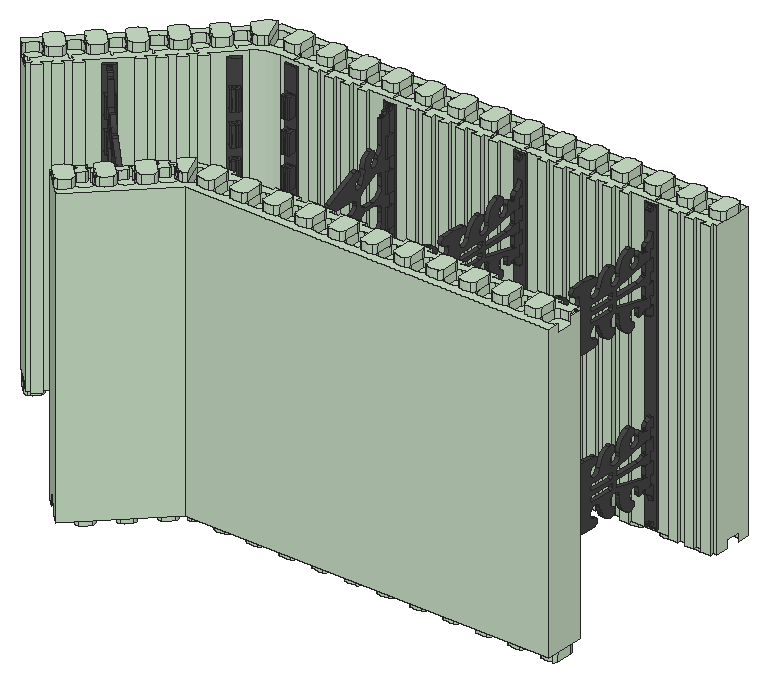
Revit family
Reference planes
  plane 1 "Center (Front/Back)": y = 0
  plane 2: z = 0
  plane 3 "Center (Left/Right)": x = 0
Forms (mm)
  Extrusion 1, solid, material "NUDURA Expanded Polystyrene Foam Insulation"
    sketch origin (0.019, -0.024, 0) x (1, 0, 0) y (0, 1, 0)
      loop
        line (-80.223, 193.675) -> (-305.285, -31.387) -> (-262.629, -74.044) -> (-257.579, -68.994) -> (-254.209, -74.603) -> (-244.109, -64.504) -> (-249.718, -61.133) -> (-239.619, -51.033) -> (-236.248, -56.643) -> (-226.148, -46.543) -> (-231.758, -43.173) -> (-221.658, -33.073) -> (-218.288, -38.682) -> (-208.188, -28.583) -> (-213.797, -25.212) -> (-167.777, 20.809) -> (-164.406, 15.199) -> (-154.306, 25.299) -> (-159.916, 28.669) -> (-149.816, 38.769) -> (-146.446, 33.16) -> (-136.346, 43.259) -> (-141.955, 46.63) -> (-131.856, 56.73) -> (-128.485, 51.12) -> (-118.385, 61.22) -> (-123.995, 64.591) -> (-113.895, 74.69) -> (-110.524, 69.081) -> (-100.425, 79.18) -> (-106.034, 82.551) -> (-70.114, 118.471)
        arc (-70.114, 118.471) -> (-53.634, 129.483) -> (-34.193, 133.35) r 50.8
        line (-34.193, 133.35) -> (16.605, 133.35) -> (15.022, 127) -> (29.305, 127) -> (27.722, 133.35) -> (42.005, 133.35) -> (40.422, 127) -> (54.705, 127) -> (53.122, 133.35) -> (67.405, 133.35) -> (65.822, 127) -> (80.105, 127) -> (78.522, 133.35) -> (92.805, 133.35) -> (91.222, 127) -> (105.505, 127) -> (103.922, 133.35) -> (169.005, 133.35) -> (167.422, 127) -> (181.705, 127) -> (180.122, 133.35) -> (194.405, 133.35) -> (192.822, 127) -> (207.105, 127) -> (205.522, 133.35) -> (219.805, 133.35) -> (218.222, 127) -> (232.505, 127) -> (230.922, 133.35) -> (245.205, 133.35) -> (243.622, 127) -> (257.905, 127) -> (256.322, 133.35) -> (270.605, 133.35) -> (269.022, 127) -> (283.305, 127) -> (281.722, 133.35) -> (296.005, 133.35) -> (294.422, 127) -> (308.705, 127) -> (307.122, 133.35) -> (372.205, 133.35) -> (370.622, 127) -> (384.905, 127) -> (383.322, 133.35) -> (397.605, 133.35) -> (396.022, 127) -> (410.305, 127) -> (408.722, 133.35) -> (423.005, 133.35) -> (421.422, 127) -> (435.705, 127) -> (434.122, 133.35) -> (448.405, 133.35) -> (446.822, 127) -> (461.105, 127) -> (459.522, 133.35) -> (473.805, 133.35) -> (472.222, 127) -> (486.505, 127) -> (484.922, 133.35) -> (499.205, 133.35) -> (497.622, 127) -> (511.905, 127) -> (510.322, 133.35) -> (575.405, 133.35) -> (573.822, 127) -> (588.105, 127) -> (586.522, 133.35) -> (600.805, 133.35) -> (599.222, 127) -> (613.505, 127) -> (611.922, 133.35) -> (626.205, 133.35) -> (624.622, 127) -> (638.905, 127) -> (637.322, 133.35) -> (644.464, 133.35) -> (644.464, 193.675) -> (-80.223, 193.675)
      loop
        line (644.464, -133.35) -> (637.322, -133.35) -> (638.905, -127) -> (624.622, -127) -> (626.205, -133.35) -> (611.922, -133.35) -> (613.505, -127) -> (599.222, -127) -> (600.805, -133.35) -> (586.522, -133.35) -> (588.105, -127) -> (573.822, -127) -> (575.405, -133.35) -> (510.322, -133.35) -> (511.905, -127) -> (497.622, -127) -> (499.205, -133.35) -> (484.922, -133.35) -> (486.505, -127) -> (472.222, -127) -> (473.805, -133.35) -> (459.522, -133.35) -> (461.105, -127) -> (446.822, -127) -> (448.405, -133.35) -> (434.122, -133.35) -> (435.705, -127) -> (421.422, -127) -> (423.005, -133.35) -> (408.722, -133.35) -> (410.305, -127) -> (396.022, -127) -> (397.605, -133.35) -> (383.322, -133.35) -> (384.905, -127) -> (370.622, -127) -> (372.205, -133.35) -> (307.122, -133.35) -> (308.705, -127) -> (294.422, -127) -> (296.005, -133.35) -> (281.722, -133.35) -> (283.305, -127) -> (269.022, -127) -> (270.605, -133.35) -> (256.322, -133.35) -> (257.905, -127) -> (243.622, -127) -> (245.205, -133.35) -> (230.922, -133.35) -> (232.505, -127) -> (218.222, -127) -> (219.805, -133.35) -> (205.522, -133.35) -> (207.105, -127) -> (192.822, -127) -> (194.405, -133.35) -> (180.122, -133.35) -> (181.705, -127) -> (167.422, -127) -> (169.005, -133.35) -> (103.922, -133.35) -> (105.505, -127) -> (91.222, -127) -> (92.805, -133.35) -> (76.277, -133.35)
        arc (76.277, -133.35) -> (56.837, -137.217) -> (40.356, -148.229) r 50.8
        line (40.356, -148.229) -> (28.669, -159.916) -> (25.299, -154.306) -> (15.199, -164.406) -> (20.809, -167.777) -> (-25.212, -213.797) -> (-28.583, -208.188) -> (-38.682, -218.288) -> (-33.073, -221.658) -> (-43.173, -231.758) -> (-46.543, -226.148) -> (-56.643, -236.248) -> (-51.033, -239.619) -> (-61.133, -249.718) -> (-64.504, -244.109) -> (-74.603, -254.209) -> (-68.994, -257.579) -> (-74.044, -262.629) -> (-31.387, -305.285) -> (80.223, -193.675) -> (644.464, -193.675) -> (644.464, -133.35)
    from 0 to 457.2
  Extrusion 2, solid, material "NUDURA Expanded Polystyrene Foam Insulation"
    sketch origin (-21.023, 50.776, 0) x (1, 0, 0) y (0, 1, 0)
      loop
        line (-38.796, 93.662) -> (-53.326, 128.741)
        arc (-53.326, 128.741) -> (-60.188, 125.074) -> (-66.202, 120.138) r 39.687
        line (-66.202, 120.138) -> (-69.84, 116.501)
        arc (-69.84, 116.501) -> (-72.579, 113.296) -> (-74.786, 109.703) r 26.988
        arc (-74.786, 109.703) -> (-75.404, 105.823) -> (-73.622, 102.322) r 6.35
        line (-73.622, 102.322) -> (-57.077, 85.778)
        arc (-57.077, 85.778) -> (-53.576, 83.995) -> (-49.696, 84.614) r 6.35
        arc (-49.696, 84.614) -> (-46.104, 86.821) -> (-42.899, 89.56) r 26.987
        line (-42.899, 89.56) -> (-38.796, 93.662)
    from 457.2 to 469.9
  Extrusion 3, solid, material "NUDURA Expanded Polystyrene Foam Insulation"
    sketch origin (-21.023, 50.776, 0) x (1, 0, 0) y (0, 1, 0)
      loop
        line (-38.796, 93.662) -> (-32.994, 93.662)
        arc (-32.994, 93.662) -> (-28.791, 93.992) -> (-24.69, 94.972) r 26.988
        arc (-24.69, 94.972) -> (-21.51, 97.278) -> (-20.294, 101.014) r 6.35
        line (-20.294, 101.014) -> (-20.294, 124.411)
        arc (-20.294, 124.411) -> (-21.51, 128.147) -> (-24.69, 130.453) r 6.35
        arc (-24.69, 130.453) -> (-28.791, 131.433) -> (-32.994, 131.762) r 26.987
        line (-32.994, 131.762) -> (-38.139, 131.762)
        arc (-38.139, 131.762) -> (-45.881, 131) -> (-53.326, 128.741) r 39.687
        line (-53.326, 128.741) -> (-38.796, 93.662)
    from 0 to -12.7
  Extrusion 4, void
    sketch origin (14.691, -56.78, 0) x (1, 0, 0) y (0, 1, 0)
      loop
        arc (-33.981, -218.47) -> (-27.183, -213.524) -> (-22.238, -206.726) r 26.988
        arc (-22.238, -206.726) -> (-21.619, -202.847) -> (-23.401, -199.345) r 6.35
        line (-23.401, -199.345) -> (-39.946, -182.801)
        arc (-39.946, -182.801) -> (-41.894, -181.472) -> (-44.193, -180.946) r 6.35
        arc (-44.193, -180.946) -> (-44.768, -180.814) -> (-45.255, -180.482) r 1.587
        line (-45.255, -180.482) -> (-51.471, -174.266) -> (-54.54, -177.334) -> (-50.56, -181.314)
        arc (-50.56, -181.314) -> (-50.1, -182.566) -> (-50.758, -183.727) r 1.588
        arc (-50.758, -183.727) -> (-55.492, -188.056) -> (-59.07, -193.38) r 26.988
        arc (-59.07, -193.38) -> (-59.689, -197.26) -> (-57.906, -200.761) r 6.35
        line (-57.906, -200.761) -> (-41.362, -217.306)
        arc (-41.362, -217.306) -> (-37.861, -219.088) -> (-33.981, -218.47) r 6.35
    from 457.2 to 444.5
  Extrusion 5, void
    sketch origin (50.612, -20.859, 0) x (1, 0, 0) y (0, 1, 0)
      loop
        arc (-33.981, -218.47) -> (-27.183, -213.524) -> (-22.238, -206.726) r 26.988
        arc (-22.238, -206.726) -> (-21.619, -202.847) -> (-23.401, -199.345) r 6.35
        line (-23.401, -199.345) -> (-39.946, -182.801)
        arc (-39.946, -182.801) -> (-41.894, -181.472) -> (-44.193, -180.946) r 6.35
        arc (-44.193, -180.946) -> (-44.768, -180.814) -> (-45.255, -180.482) r 1.587
        line (-45.255, -180.482) -> (-51.471, -174.266) -> (-54.54, -177.334) -> (-50.56, -181.314)
        arc (-50.56, -181.314) -> (-50.1, -182.566) -> (-50.758, -183.727) r 1.588
        arc (-50.758, -183.727) -> (-55.492, -188.056) -> (-59.07, -193.38) r 26.988
        arc (-59.07, -193.38) -> (-59.689, -197.26) -> (-57.906, -200.761) r 6.35
        line (-57.906, -200.761) -> (-41.362, -217.306)
        arc (-41.362, -217.306) -> (-37.861, -219.088) -> (-33.981, -218.47) r 6.35
    from 457.2 to 444.5
  Extrusion 6, void
    sketch origin (293.988, -50.531, 0) x (0.707107, -0.707107, 0) y (0.707107, 0.707107, 0)
      loop
        arc (-33.981, -218.47) -> (-27.183, -213.524) -> (-22.238, -206.726) r 26.988
        arc (-22.238, -206.726) -> (-21.619, -202.847) -> (-23.401, -199.345) r 6.35
        line (-23.401, -199.345) -> (-39.946, -182.801)
        arc (-39.946, -182.801) -> (-41.894, -181.472) -> (-44.193, -180.946) r 6.35
        arc (-44.193, -180.946) -> (-44.768, -180.814) -> (-45.255, -180.482) r 1.587
        line (-45.255, -180.482) -> (-51.471, -174.266) -> (-54.54, -177.334) -> (-50.56, -181.314)
        arc (-50.56, -181.314) -> (-50.1, -182.566) -> (-50.758, -183.727) r 1.588
        arc (-50.758, -183.727) -> (-55.492, -188.056) -> (-59.07, -193.38) r 26.988
        arc (-59.07, -193.38) -> (-59.689, -197.26) -> (-57.906, -200.761) r 6.35
        line (-57.906, -200.761) -> (-41.362, -217.306)
        arc (-41.362, -217.306) -> (-37.861, -219.088) -> (-33.981, -218.47) r 6.35
    from 457.2 to 444.5
  Extrusion 7, void
    sketch origin (344.788, -50.531, 0) x (0.707107, -0.707107, 0) y (0.707107, 0.707107, 0)
      loop
        arc (-33.981, -218.47) -> (-27.183, -213.524) -> (-22.238, -206.726) r 26.988
        arc (-22.238, -206.726) -> (-21.619, -202.847) -> (-23.401, -199.345) r 6.35
        line (-23.401, -199.345) -> (-39.946, -182.801)
        arc (-39.946, -182.801) -> (-41.894, -181.472) -> (-44.193, -180.946) r 6.35
        arc (-44.193, -180.946) -> (-44.768, -180.814) -> (-45.255, -180.482) r 1.587
        line (-45.255, -180.482) -> (-51.471, -174.266) -> (-54.54, -177.334) -> (-50.56, -181.314)
        arc (-50.56, -181.314) -> (-50.1, -182.566) -> (-50.758, -183.727) r 1.588
        arc (-50.758, -183.727) -> (-55.492, -188.056) -> (-59.07, -193.38) r 26.988
        arc (-59.07, -193.38) -> (-59.689, -197.26) -> (-57.906, -200.761) r 6.35
        line (-57.906, -200.761) -> (-41.362, -217.306)
        arc (-41.362, -217.306) -> (-37.861, -219.088) -> (-33.981, -218.47) r 6.35
    from 457.2 to 444.5
  Extrusion 8, void
    sketch origin (395.588, -50.531, 0) x (0.707107, -0.707107, 0) y (0.707107, 0.707107, 0)
      loop
        arc (-33.981, -218.47) -> (-27.183, -213.524) -> (-22.238, -206.726) r 26.988
        arc (-22.238, -206.726) -> (-21.619, -202.847) -> (-23.401, -199.345) r 6.35
        line (-23.401, -199.345) -> (-39.946, -182.801)
        arc (-39.946, -182.801) -> (-41.894, -181.472) -> (-44.193, -180.946) r 6.35
        arc (-44.193, -180.946) -> (-44.768, -180.814) -> (-45.255, -180.482) r 1.587
        line (-45.255, -180.482) -> (-51.471, -174.266) -> (-54.54, -177.334) -> (-50.56, -181.314)
        arc (-50.56, -181.314) -> (-50.1, -182.566) -> (-50.758, -183.727) r 1.588
        arc (-50.758, -183.727) -> (-55.492, -188.056) -> (-59.07, -193.38) r 26.988
        arc (-59.07, -193.38) -> (-59.689, -197.26) -> (-57.906, -200.761) r 6.35
        line (-57.906, -200.761) -> (-41.362, -217.306)
        arc (-41.362, -217.306) -> (-37.861, -219.088) -> (-33.981, -218.47) r 6.35
    from 457.2 to 444.5
  Extrusion 9, void
    sketch origin (446.388, -50.531, 0) x (0.707107, -0.707107, 0) y (0.707107, 0.707107, 0)
      loop
        arc (-33.981, -218.47) -> (-27.183, -213.524) -> (-22.238, -206.726) r 26.988
        arc (-22.238, -206.726) -> (-21.619, -202.847) -> (-23.401, -199.345) r 6.35
        line (-23.401, -199.345) -> (-39.946, -182.801)
        arc (-39.946, -182.801) -> (-41.894, -181.472) -> (-44.193, -180.946) r 6.35
        arc (-44.193, -180.946) -> (-44.768, -180.814) -> (-45.255, -180.482) r 1.587
        line (-45.255, -180.482) -> (-51.471, -174.266) -> (-54.54, -177.334) -> (-50.56, -181.314)
        arc (-50.56, -181.314) -> (-50.1, -182.566) -> (-50.758, -183.727) r 1.588
        arc (-50.758, -183.727) -> (-55.492, -188.056) -> (-59.07, -193.38) r 26.988
        arc (-59.07, -193.38) -> (-59.689, -197.26) -> (-57.906, -200.761) r 6.35
        line (-57.906, -200.761) -> (-41.362, -217.306)
        arc (-41.362, -217.306) -> (-37.861, -219.088) -> (-33.981, -218.47) r 6.35
    from 457.2 to 444.5
  Extrusion 10, void
    sketch origin (497.188, -50.531, 0) x (0.707107, -0.707107, 0) y (0.707107, 0.707107, 0)
      loop
        arc (-33.981, -218.47) -> (-27.183, -213.524) -> (-22.238, -206.726) r 26.988
        arc (-22.238, -206.726) -> (-21.619, -202.847) -> (-23.401, -199.345) r 6.35
        line (-23.401, -199.345) -> (-39.946, -182.801)
        arc (-39.946, -182.801) -> (-41.894, -181.472) -> (-44.193, -180.946) r 6.35
        arc (-44.193, -180.946) -> (-44.768, -180.814) -> (-45.255, -180.482) r 1.587
        line (-45.255, -180.482) -> (-51.471, -174.266) -> (-54.54, -177.334) -> (-50.56, -181.314)
        arc (-50.56, -181.314) -> (-50.1, -182.566) -> (-50.758, -183.727) r 1.588
        arc (-50.758, -183.727) -> (-55.492, -188.056) -> (-59.07, -193.38) r 26.988
        arc (-59.07, -193.38) -> (-59.689, -197.26) -> (-57.906, -200.761) r 6.35
        line (-57.906, -200.761) -> (-41.362, -217.306)
        arc (-41.362, -217.306) -> (-37.861, -219.088) -> (-33.981, -218.47) r 6.35
    from 457.2 to 444.5
  Extrusion 11, void
    sketch origin (547.988, -50.531, 0) x (0.707107, -0.707107, 0) y (0.707107, 0.707107, 0)
      loop
        arc (-33.981, -218.47) -> (-27.183, -213.524) -> (-22.238, -206.726) r 26.988
        arc (-22.238, -206.726) -> (-21.619, -202.847) -> (-23.401, -199.345) r 6.35
        line (-23.401, -199.345) -> (-39.946, -182.801)
        arc (-39.946, -182.801) -> (-41.894, -181.472) -> (-44.193, -180.946) r 6.35
        arc (-44.193, -180.946) -> (-44.768, -180.814) -> (-45.255, -180.482) r 1.587
        line (-45.255, -180.482) -> (-51.471, -174.266) -> (-54.54, -177.334) -> (-50.56, -181.314)
        arc (-50.56, -181.314) -> (-50.1, -182.566) -> (-50.758, -183.727) r 1.588
        arc (-50.758, -183.727) -> (-55.492, -188.056) -> (-59.07, -193.38) r 26.988
        arc (-59.07, -193.38) -> (-59.689, -197.26) -> (-57.906, -200.761) r 6.35
        line (-57.906, -200.761) -> (-41.362, -217.306)
        arc (-41.362, -217.306) -> (-37.861, -219.088) -> (-33.981, -218.47) r 6.35
    from 457.2 to 444.5
  Extrusion 12, void
    sketch origin (598.788, -50.531, 0) x (0.707107, -0.707107, 0) y (0.707107, 0.707107, 0)
      loop
        arc (-33.981, -218.47) -> (-27.183, -213.524) -> (-22.238, -206.726) r 26.988
        arc (-22.238, -206.726) -> (-21.619, -202.847) -> (-23.401, -199.345) r 6.35
        line (-23.401, -199.345) -> (-39.946, -182.801)
        arc (-39.946, -182.801) -> (-41.894, -181.472) -> (-44.193, -180.946) r 6.35
        arc (-44.193, -180.946) -> (-44.768, -180.814) -> (-45.255, -180.482) r 1.587
        line (-45.255, -180.482) -> (-51.471, -174.266) -> (-54.54, -177.334) -> (-50.56, -181.314)
        arc (-50.56, -181.314) -> (-50.1, -182.566) -> (-50.758, -183.727) r 1.588
        arc (-50.758, -183.727) -> (-55.492, -188.056) -> (-59.07, -193.38) r 26.988
        arc (-59.07, -193.38) -> (-59.689, -197.26) -> (-57.906, -200.761) r 6.35
        line (-57.906, -200.761) -> (-41.362, -217.306)
        arc (-41.362, -217.306) -> (-37.861, -219.088) -> (-33.981, -218.47) r 6.35
    from 457.2 to 444.5
  Extrusion 13, void
    sketch origin (649.588, -50.531, 0) x (0.707107, -0.707107, 0) y (0.707107, 0.707107, 0)
      loop
        arc (-33.981, -218.47) -> (-27.183, -213.524) -> (-22.238, -206.726) r 26.988
        arc (-22.238, -206.726) -> (-21.619, -202.847) -> (-23.401, -199.345) r 6.35
        line (-23.401, -199.345) -> (-39.946, -182.801)
        arc (-39.946, -182.801) -> (-41.894, -181.472) -> (-44.193, -180.946) r 6.35
        arc (-44.193, -180.946) -> (-44.768, -180.814) -> (-45.255, -180.482) r 1.587
        line (-45.255, -180.482) -> (-51.471, -174.266) -> (-54.54, -177.334) -> (-50.56, -181.314)
        arc (-50.56, -181.314) -> (-50.1, -182.566) -> (-50.758, -183.727) r 1.588
        arc (-50.758, -183.727) -> (-55.492, -188.056) -> (-59.07, -193.38) r 26.988
        arc (-59.07, -193.38) -> (-59.689, -197.26) -> (-57.906, -200.761) r 6.35
        line (-57.906, -200.761) -> (-41.362, -217.306)
        arc (-41.362, -217.306) -> (-37.861, -219.088) -> (-33.981, -218.47) r 6.35
    from 457.2 to 444.5
  Extrusion 14, void
    sketch origin (700.388, -50.531, 0) x (0.707107, -0.707107, 0) y (0.707107, 0.707107, 0)
      loop
        arc (-33.981, -218.47) -> (-27.183, -213.524) -> (-22.238, -206.726) r 26.988
        arc (-22.238, -206.726) -> (-21.619, -202.847) -> (-23.401, -199.345) r 6.35
        line (-23.401, -199.345) -> (-39.946, -182.801)
        arc (-39.946, -182.801) -> (-41.894, -181.472) -> (-44.193, -180.946) r 6.35
        arc (-44.193, -180.946) -> (-44.768, -180.814) -> (-45.255, -180.482) r 1.587
        line (-45.255, -180.482) -> (-51.471, -174.266) -> (-54.54, -177.334) -> (-50.56, -181.314)
        arc (-50.56, -181.314) -> (-50.1, -182.566) -> (-50.758, -183.727) r 1.588
        arc (-50.758, -183.727) -> (-55.492, -188.056) -> (-59.07, -193.38) r 26.988
        arc (-59.07, -193.38) -> (-59.689, -197.26) -> (-57.906, -200.761) r 6.35
        line (-57.906, -200.761) -> (-41.362, -217.306)
        arc (-41.362, -217.306) -> (-37.861, -219.088) -> (-33.981, -218.47) r 6.35
    from 457.2 to 444.5
  Extrusion 15, void
    sketch origin (751.188, -50.531, 0) x (0.707107, -0.707107, 0) y (0.707107, 0.707107, 0)
      loop
        arc (-33.981, -218.47) -> (-27.183, -213.524) -> (-22.238, -206.726) r 26.988
        arc (-22.238, -206.726) -> (-21.619, -202.847) -> (-23.401, -199.345) r 6.35
        line (-23.401, -199.345) -> (-39.946, -182.801)
        arc (-39.946, -182.801) -> (-41.894, -181.472) -> (-44.193, -180.946) r 6.35
        arc (-44.193, -180.946) -> (-44.768, -180.814) -> (-45.255, -180.482) r 1.587
        line (-45.255, -180.482) -> (-51.471, -174.266) -> (-54.54, -177.334) -> (-50.56, -181.314)
        arc (-50.56, -181.314) -> (-50.1, -182.566) -> (-50.758, -183.727) r 1.588
        arc (-50.758, -183.727) -> (-55.492, -188.056) -> (-59.07, -193.38) r 26.988
        arc (-59.07, -193.38) -> (-59.689, -197.26) -> (-57.906, -200.761) r 6.35
        line (-57.906, -200.761) -> (-41.362, -217.306)
        arc (-41.362, -217.306) -> (-37.861, -219.088) -> (-33.981, -218.47) r 6.35
    from 457.2 to 444.5
  Extrusion 16, void
    sketch origin (801.988, -50.531, 0) x (0.707107, -0.707107, 0) y (0.707107, 0.707107, 0)
      loop
        arc (-33.981, -218.47) -> (-27.183, -213.524) -> (-22.238, -206.726) r 26.988
        arc (-22.238, -206.726) -> (-21.619, -202.847) -> (-23.401, -199.345) r 6.35
        line (-23.401, -199.345) -> (-39.946, -182.801)
        arc (-39.946, -182.801) -> (-41.894, -181.472) -> (-44.193, -180.946) r 6.35
        arc (-44.193, -180.946) -> (-44.768, -180.814) -> (-45.255, -180.482) r 1.587
        line (-45.255, -180.482) -> (-51.471, -174.266) -> (-54.54, -177.334) -> (-50.56, -181.314)
        arc (-50.56, -181.314) -> (-50.1, -182.566) -> (-50.758, -183.727) r 1.588
        arc (-50.758, -183.727) -> (-55.492, -188.056) -> (-59.07, -193.38) r 26.988
        arc (-59.07, -193.38) -> (-59.689, -197.26) -> (-57.906, -200.761) r 6.35
        line (-57.906, -200.761) -> (-41.362, -217.306)
        arc (-41.362, -217.306) -> (-37.861, -219.088) -> (-33.981, -218.47) r 6.35
    from 457.2 to 444.5
  Extrusion 17, void
    sketch origin (334.577, 50.776, 0) x (-0.707107, 0.707107, 0) y (-0.707107, -0.707107, 0)
      loop
        arc (-33.981, -218.47) -> (-27.183, -213.524) -> (-22.238, -206.726) r 26.988
        arc (-22.238, -206.726) -> (-21.619, -202.847) -> (-23.401, -199.345) r 6.35
        line (-23.401, -199.345) -> (-39.946, -182.801)
        arc (-39.946, -182.801) -> (-41.894, -181.472) -> (-44.193, -180.946) r 6.35
        arc (-44.193, -180.946) -> (-44.768, -180.814) -> (-45.255, -180.482) r 1.587
        line (-45.255, -180.482) -> (-51.471, -174.266) -> (-54.54, -177.334) -> (-50.56, -181.314)
        arc (-50.56, -181.314) -> (-50.1, -182.566) -> (-50.758, -183.727) r 1.588
        arc (-50.758, -183.727) -> (-55.492, -188.056) -> (-59.07, -193.38) r 26.988
        arc (-59.07, -193.38) -> (-59.689, -197.26) -> (-57.906, -200.761) r 6.35
        line (-57.906, -200.761) -> (-41.362, -217.306)
        arc (-41.362, -217.306) -> (-37.861, -219.088) -> (-33.981, -218.47) r 6.35
    from 457.2 to 444.5
  Extrusion 18, void
    sketch origin (385.377, 50.776, 0) x (-0.707107, 0.707107, 0) y (-0.707107, -0.707107, 0)
      loop
        arc (-33.981, -218.47) -> (-27.183, -213.524) -> (-22.238, -206.726) r 26.988
        arc (-22.238, -206.726) -> (-21.619, -202.847) -> (-23.401, -199.345) r 6.35
        line (-23.401, -199.345) -> (-39.946, -182.801)
        arc (-39.946, -182.801) -> (-41.894, -181.472) -> (-44.193, -180.946) r 6.35
        arc (-44.193, -180.946) -> (-44.768, -180.814) -> (-45.255, -180.482) r 1.587
        line (-45.255, -180.482) -> (-51.471, -174.266) -> (-54.54, -177.334) -> (-50.56, -181.314)
        arc (-50.56, -181.314) -> (-50.1, -182.566) -> (-50.758, -183.727) r 1.588
        arc (-50.758, -183.727) -> (-55.492, -188.056) -> (-59.07, -193.38) r 26.988
        arc (-59.07, -193.38) -> (-59.689, -197.26) -> (-57.906, -200.761) r 6.35
        line (-57.906, -200.761) -> (-41.362, -217.306)
        arc (-41.362, -217.306) -> (-37.861, -219.088) -> (-33.981, -218.47) r 6.35
    from 457.2 to 444.5
  Extrusion 19, void
    sketch origin (283.777, 50.776, 0) x (-0.707107, 0.707107, 0) y (-0.707107, -0.707107, 0)
      loop
        arc (-33.981, -218.47) -> (-27.183, -213.524) -> (-22.238, -206.726) r 26.988
        arc (-22.238, -206.726) -> (-21.619, -202.847) -> (-23.401, -199.345) r 6.35
        line (-23.401, -199.345) -> (-39.946, -182.801)
        arc (-39.946, -182.801) -> (-41.894, -181.472) -> (-44.193, -180.946) r 6.35
        arc (-44.193, -180.946) -> (-44.768, -180.814) -> (-45.255, -180.482) r 1.587
        line (-45.255, -180.482) -> (-51.471, -174.266) -> (-54.54, -177.334) -> (-50.56, -181.314)
        arc (-50.56, -181.314) -> (-50.1, -182.566) -> (-50.758, -183.727) r 1.588
        arc (-50.758, -183.727) -> (-55.492, -188.056) -> (-59.07, -193.38) r 26.988
        arc (-59.07, -193.38) -> (-59.689, -197.26) -> (-57.906, -200.761) r 6.35
        line (-57.906, -200.761) -> (-41.362, -217.306)
        arc (-41.362, -217.306) -> (-37.861, -219.088) -> (-33.981, -218.47) r 6.35
    from 457.2 to 444.5
  Extrusion 20, void
    sketch origin (232.977, 50.776, 0) x (-0.707107, 0.707107, 0) y (-0.707107, -0.707107, 0)
      loop
        arc (-33.981, -218.47) -> (-27.183, -213.524) -> (-22.238, -206.726) r 26.988
        arc (-22.238, -206.726) -> (-21.619, -202.847) -> (-23.401, -199.345) r 6.35
        line (-23.401, -199.345) -> (-39.946, -182.801)
        arc (-39.946, -182.801) -> (-41.894, -181.472) -> (-44.193, -180.946) r 6.35
        arc (-44.193, -180.946) -> (-44.768, -180.814) -> (-45.255, -180.482) r 1.587
        line (-45.255, -180.482) -> (-51.471, -174.266) -> (-54.54, -177.334) -> (-50.56, -181.314)
        arc (-50.56, -181.314) -> (-50.1, -182.566) -> (-50.758, -183.727) r 1.588
        arc (-50.758, -183.727) -> (-55.492, -188.056) -> (-59.07, -193.38) r 26.988
        arc (-59.07, -193.38) -> (-59.689, -197.26) -> (-57.906, -200.761) r 6.35
        line (-57.906, -200.761) -> (-41.362, -217.306)
        arc (-41.362, -217.306) -> (-37.861, -219.088) -> (-33.981, -218.47) r 6.35
    from 457.2 to 444.5
  Extrusion 21, void
    sketch origin (182.177, 50.776, 0) x (-0.707107, 0.707107, 0) y (-0.707107, -0.707107, 0)
      loop
        arc (-33.981, -218.47) -> (-27.183, -213.524) -> (-22.238, -206.726) r 26.988
        arc (-22.238, -206.726) -> (-21.619, -202.847) -> (-23.401, -199.345) r 6.35
        line (-23.401, -199.345) -> (-39.946, -182.801)
        arc (-39.946, -182.801) -> (-41.894, -181.472) -> (-44.193, -180.946) r 6.35
        arc (-44.193, -180.946) -> (-44.768, -180.814) -> (-45.255, -180.482) r 1.587
        line (-45.255, -180.482) -> (-51.471, -174.266) -> (-54.54, -177.334) -> (-50.56, -181.314)
        arc (-50.56, -181.314) -> (-50.1, -182.566) -> (-50.758, -183.727) r 1.588
        arc (-50.758, -183.727) -> (-55.492, -188.056) -> (-59.07, -193.38) r 26.988
        arc (-59.07, -193.38) -> (-59.689, -197.26) -> (-57.906, -200.761) r 6.35
        line (-57.906, -200.761) -> (-41.362, -217.306)
        arc (-41.362, -217.306) -> (-37.861, -219.088) -> (-33.981, -218.47) r 6.35
    from 457.2 to 444.5
  Extrusion 22, void
    sketch origin (131.377, 50.776, 0) x (-0.707107, 0.707107, 0) y (-0.707107, -0.707107, 0)
      loop
        arc (-33.981, -218.47) -> (-27.183, -213.524) -> (-22.238, -206.726) r 26.988
        arc (-22.238, -206.726) -> (-21.619, -202.847) -> (-23.401, -199.345) r 6.35
        line (-23.401, -199.345) -> (-39.946, -182.801)
        arc (-39.946, -182.801) -> (-41.894, -181.472) -> (-44.193, -180.946) r 6.35
        arc (-44.193, -180.946) -> (-44.768, -180.814) -> (-45.255, -180.482) r 1.587
        line (-45.255, -180.482) -> (-51.471, -174.266) -> (-54.54, -177.334) -> (-50.56, -181.314)
        arc (-50.56, -181.314) -> (-50.1, -182.566) -> (-50.758, -183.727) r 1.588
        arc (-50.758, -183.727) -> (-55.492, -188.056) -> (-59.07, -193.38) r 26.988
        arc (-59.07, -193.38) -> (-59.689, -197.26) -> (-57.906, -200.761) r 6.35
        line (-57.906, -200.761) -> (-41.362, -217.306)
        arc (-41.362, -217.306) -> (-37.861, -219.088) -> (-33.981, -218.47) r 6.35
    from 457.2 to 444.5
  Extrusion 23, void
    sketch origin (80.577, 50.776, 0) x (-0.707107, 0.707107, 0) y (-0.707107, -0.707107, 0)
      loop
        arc (-33.981, -218.47) -> (-27.183, -213.524) -> (-22.238, -206.726) r 26.988
        arc (-22.238, -206.726) -> (-21.619, -202.847) -> (-23.401, -199.345) r 6.35
        line (-23.401, -199.345) -> (-39.946, -182.801)
        arc (-39.946, -182.801) -> (-41.894, -181.472) -> (-44.193, -180.946) r 6.35
        arc (-44.193, -180.946) -> (-44.768, -180.814) -> (-45.255, -180.482) r 1.587
        line (-45.255, -180.482) -> (-51.471, -174.266) -> (-54.54, -177.334) -> (-50.56, -181.314)
        arc (-50.56, -181.314) -> (-50.1, -182.566) -> (-50.758, -183.727) r 1.588
        arc (-50.758, -183.727) -> (-55.492, -188.056) -> (-59.07, -193.38) r 26.988
        arc (-59.07, -193.38) -> (-59.689, -197.26) -> (-57.906, -200.761) r 6.35
        line (-57.906, -200.761) -> (-41.362, -217.306)
        arc (-41.362, -217.306) -> (-37.861, -219.088) -> (-33.981, -218.47) r 6.35
    from 457.2 to 444.5
  Extrusion 24, void
    sketch origin (29.777, 50.776, 0) x (-0.707107, 0.707107, 0) y (-0.707107, -0.707107, 0)
      loop
        arc (-33.981, -218.47) -> (-27.183, -213.524) -> (-22.238, -206.726) r 26.988
        arc (-22.238, -206.726) -> (-21.619, -202.847) -> (-23.401, -199.345) r 6.35
        line (-23.401, -199.345) -> (-39.946, -182.801)
        arc (-39.946, -182.801) -> (-41.894, -181.472) -> (-44.193, -180.946) r 6.35
        arc (-44.193, -180.946) -> (-44.768, -180.814) -> (-45.255, -180.482) r 1.587
        line (-45.255, -180.482) -> (-51.471, -174.266) -> (-54.54, -177.334) -> (-50.56, -181.314)
        arc (-50.56, -181.314) -> (-50.1, -182.566) -> (-50.758, -183.727) r 1.588
        arc (-50.758, -183.727) -> (-55.492, -188.056) -> (-59.07, -193.38) r 26.988
        arc (-59.07, -193.38) -> (-59.689, -197.26) -> (-57.906, -200.761) r 6.35
        line (-57.906, -200.761) -> (-41.362, -217.306)
        arc (-41.362, -217.306) -> (-37.861, -219.088) -> (-33.981, -218.47) r 6.35
    from 457.2 to 444.5
  Extrusion 25, void
    sketch origin (-21.023, 50.776, 0) x (-0.707107, 0.707107, 0) y (-0.707107, -0.707107, 0)
      loop
        arc (-33.981, -218.47) -> (-27.183, -213.524) -> (-22.238, -206.726) r 26.988
        arc (-22.238, -206.726) -> (-21.619, -202.847) -> (-23.401, -199.345) r 6.35
        line (-23.401, -199.345) -> (-39.946, -182.801)
        arc (-39.946, -182.801) -> (-41.894, -181.472) -> (-44.193, -180.946) r 6.35
        arc (-44.193, -180.946) -> (-44.768, -180.814) -> (-45.255, -180.482) r 1.587
        line (-45.255, -180.482) -> (-51.471, -174.266) -> (-54.54, -177.334) -> (-50.56, -181.314)
        arc (-50.56, -181.314) -> (-50.1, -182.566) -> (-50.758, -183.727) r 1.588
        arc (-50.758, -183.727) -> (-55.492, -188.056) -> (-59.07, -193.38) r 26.988
        arc (-59.07, -193.38) -> (-59.689, -197.26) -> (-57.906, -200.761) r 6.35
        line (-57.906, -200.761) -> (-41.362, -217.306)
        arc (-41.362, -217.306) -> (-37.861, -219.088) -> (-33.981, -218.47) r 6.35
    from 457.2 to 444.5
  Extrusion 26, void
    sketch origin (-71.823, 50.776, 0) x (-0.707107, 0.707107, 0) y (-0.707107, -0.707107, 0)
      loop
        arc (-33.981, -218.47) -> (-27.183, -213.524) -> (-22.238, -206.726) r 26.988
        arc (-22.238, -206.726) -> (-21.619, -202.847) -> (-23.401, -199.345) r 6.35
        line (-23.401, -199.345) -> (-39.946, -182.801)
        arc (-39.946, -182.801) -> (-41.894, -181.472) -> (-44.193, -180.946) r 6.35
        arc (-44.193, -180.946) -> (-44.768, -180.814) -> (-45.255, -180.482) r 1.587
        line (-45.255, -180.482) -> (-51.471, -174.266) -> (-54.54, -177.334) -> (-50.56, -181.314)
        arc (-50.56, -181.314) -> (-50.1, -182.566) -> (-50.758, -183.727) r 1.588
        arc (-50.758, -183.727) -> (-55.492, -188.056) -> (-59.07, -193.38) r 26.988
        arc (-59.07, -193.38) -> (-59.689, -197.26) -> (-57.906, -200.761) r 6.35
        line (-57.906, -200.761) -> (-41.362, -217.306)
        arc (-41.362, -217.306) -> (-37.861, -219.088) -> (-33.981, -218.47) r 6.35
    from 457.2 to 444.5
  Extrusion 27, void
    sketch origin (-122.623, 50.776, 0) x (-0.707107, 0.707107, 0) y (-0.707107, -0.707107, 0)
      loop
        arc (-33.981, -218.47) -> (-27.183, -213.524) -> (-22.238, -206.726) r 26.988
        arc (-22.238, -206.726) -> (-21.619, -202.847) -> (-23.401, -199.345) r 6.35
        line (-23.401, -199.345) -> (-39.946, -182.801)
        arc (-39.946, -182.801) -> (-41.894, -181.472) -> (-44.193, -180.946) r 6.35
        arc (-44.193, -180.946) -> (-44.768, -180.814) -> (-45.255, -180.482) r 1.587
        line (-45.255, -180.482) -> (-51.471, -174.266) -> (-54.54, -177.334) -> (-50.56, -181.314)
        arc (-50.56, -181.314) -> (-50.1, -182.566) -> (-50.758, -183.727) r 1.588
        arc (-50.758, -183.727) -> (-55.492, -188.056) -> (-59.07, -193.38) r 26.988
        arc (-59.07, -193.38) -> (-59.689, -197.26) -> (-57.906, -200.761) r 6.35
        line (-57.906, -200.761) -> (-41.362, -217.306)
        arc (-41.362, -217.306) -> (-37.861, -219.088) -> (-33.981, -218.47) r 6.35
    from 457.2 to 444.5
  Extrusion 28, void
    sketch origin (-173.423, 50.776, 0) x (-0.707107, 0.707107, 0) y (-0.707107, -0.707107, 0)
      loop
        arc (-33.981, -218.47) -> (-27.183, -213.524) -> (-22.238, -206.726) r 26.988
        arc (-22.238, -206.726) -> (-21.619, -202.847) -> (-23.401, -199.345) r 6.35
        line (-23.401, -199.345) -> (-39.946, -182.801)
        arc (-39.946, -182.801) -> (-41.894, -181.472) -> (-44.193, -180.946) r 6.35
        arc (-44.193, -180.946) -> (-44.768, -180.814) -> (-45.255, -180.482) r 1.587
        line (-45.255, -180.482) -> (-51.471, -174.266) -> (-54.54, -177.334) -> (-50.56, -181.314)
        arc (-50.56, -181.314) -> (-50.1, -182.566) -> (-50.758, -183.727) r 1.588
        arc (-50.758, -183.727) -> (-55.492, -188.056) -> (-59.07, -193.38) r 26.988
        arc (-59.07, -193.38) -> (-59.689, -197.26) -> (-57.906, -200.761) r 6.35
        line (-57.906, -200.761) -> (-41.362, -217.306)
        arc (-41.362, -217.306) -> (-37.861, -219.088) -> (-33.981, -218.47) r 6.35
    from 457.2 to 444.5
  Extrusion 29, void
    sketch origin (-279.691, -207.892, 0) x (-1, 0, 0) y (0, -1, 0)
      loop
        arc (-33.981, -218.47) -> (-27.183, -213.524) -> (-22.238, -206.726) r 26.988
        arc (-22.238, -206.726) -> (-21.619, -202.847) -> (-23.401, -199.345) r 6.35
        line (-23.401, -199.345) -> (-39.946, -182.801)
        arc (-39.946, -182.801) -> (-41.894, -181.472) -> (-44.193, -180.946) r 6.35
        arc (-44.193, -180.946) -> (-44.768, -180.814) -> (-45.255, -180.482) r 1.587
        line (-45.255, -180.482) -> (-51.471, -174.266) -> (-54.54, -177.334) -> (-50.56, -181.314)
        arc (-50.56, -181.314) -> (-50.1, -182.566) -> (-50.758, -183.727) r 1.588
        arc (-50.758, -183.727) -> (-55.492, -188.056) -> (-59.07, -193.38) r 26.988
        arc (-59.07, -193.38) -> (-59.689, -197.26) -> (-57.906, -200.761) r 6.35
        line (-57.906, -200.761) -> (-41.362, -217.306)
        arc (-41.362, -217.306) -> (-37.861, -219.088) -> (-33.981, -218.47) r 6.35
    from 457.2 to 444.5
  Extrusion 30, void
    sketch origin (-243.77, -171.971, 0) x (-1, 0, 0) y (0, -1, 0)
      loop
        arc (-33.981, -218.47) -> (-27.183, -213.524) -> (-22.238, -206.726) r 26.988
        arc (-22.238, -206.726) -> (-21.619, -202.847) -> (-23.401, -199.345) r 6.35
        line (-23.401, -199.345) -> (-39.946, -182.801)
        arc (-39.946, -182.801) -> (-41.894, -181.472) -> (-44.193, -180.946) r 6.35
        arc (-44.193, -180.946) -> (-44.768, -180.814) -> (-45.255, -180.482) r 1.587
        line (-45.255, -180.482) -> (-51.471, -174.266) -> (-54.54, -177.334) -> (-50.56, -181.314)
        arc (-50.56, -181.314) -> (-50.1, -182.566) -> (-50.758, -183.727) r 1.588
        arc (-50.758, -183.727) -> (-55.492, -188.056) -> (-59.07, -193.38) r 26.988
        arc (-59.07, -193.38) -> (-59.689, -197.26) -> (-57.906, -200.761) r 6.35
        line (-57.906, -200.761) -> (-41.362, -217.306)
        arc (-41.362, -217.306) -> (-37.861, -219.088) -> (-33.981, -218.47) r 6.35
    from 457.2 to 444.5
  Extrusion 31, void
    sketch origin (-207.848, -136.05, 0) x (-1, 0, 0) y (0, -1, 0)
      loop
        arc (-33.981, -218.47) -> (-27.183, -213.524) -> (-22.238, -206.726) r 26.988
        arc (-22.238, -206.726) -> (-21.619, -202.847) -> (-23.401, -199.345) r 6.35
        line (-23.401, -199.345) -> (-39.946, -182.801)
        arc (-39.946, -182.801) -> (-41.894, -181.472) -> (-44.193, -180.946) r 6.35
        arc (-44.193, -180.946) -> (-44.768, -180.814) -> (-45.255, -180.482) r 1.587
        line (-45.255, -180.482) -> (-51.471, -174.266) -> (-54.54, -177.334) -> (-50.56, -181.314)
        arc (-50.56, -181.314) -> (-50.1, -182.566) -> (-50.758, -183.727) r 1.588
        arc (-50.758, -183.727) -> (-55.492, -188.056) -> (-59.07, -193.38) r 26.988
        arc (-59.07, -193.38) -> (-59.689, -197.26) -> (-57.906, -200.761) r 6.35
        line (-57.906, -200.761) -> (-41.362, -217.306)
        arc (-41.362, -217.306) -> (-37.861, -219.088) -> (-33.981, -218.47) r 6.35
    from 457.2 to 444.5
  Extrusion 32, void
    sketch origin (-171.927, -100.129, 0) x (-1, 0, 0) y (0, -1, 0)
      loop
        arc (-33.981, -218.47) -> (-27.183, -213.524) -> (-22.238, -206.726) r 26.988
        arc (-22.238, -206.726) -> (-21.619, -202.847) -> (-23.401, -199.345) r 6.35
        line (-23.401, -199.345) -> (-39.946, -182.801)
        arc (-39.946, -182.801) -> (-41.894, -181.472) -> (-44.193, -180.946) r 6.35
        arc (-44.193, -180.946) -> (-44.768, -180.814) -> (-45.255, -180.482) r 1.587
        line (-45.255, -180.482) -> (-51.471, -174.266) -> (-54.54, -177.334) -> (-50.56, -181.314)
        arc (-50.56, -181.314) -> (-50.1, -182.566) -> (-50.758, -183.727) r 1.588
        arc (-50.758, -183.727) -> (-55.492, -188.056) -> (-59.07, -193.38) r 26.988
        arc (-59.07, -193.38) -> (-59.689, -197.26) -> (-57.906, -200.761) r 6.35
        line (-57.906, -200.761) -> (-41.362, -217.306)
        arc (-41.362, -217.306) -> (-37.861, -219.088) -> (-33.981, -218.47) r 6.35
    from 457.2 to 444.5
  Extrusion 33, void
    sketch origin (-136.006, -64.208, 0) x (-1, 0, 0) y (0, -1, 0)
      loop
        arc (-33.981, -218.47) -> (-27.183, -213.524) -> (-22.238, -206.726) r 26.988
        arc (-22.238, -206.726) -> (-21.619, -202.847) -> (-23.401, -199.345) r 6.35
        line (-23.401, -199.345) -> (-39.946, -182.801)
        arc (-39.946, -182.801) -> (-41.894, -181.472) -> (-44.193, -180.946) r 6.35
        arc (-44.193, -180.946) -> (-44.768, -180.814) -> (-45.255, -180.482) r 1.587
        line (-45.255, -180.482) -> (-51.471, -174.266) -> (-54.54, -177.334) -> (-50.56, -181.314)
        arc (-50.56, -181.314) -> (-50.1, -182.566) -> (-50.758, -183.727) r 1.588
        arc (-50.758, -183.727) -> (-55.492, -188.056) -> (-59.07, -193.38) r 26.988
        arc (-59.07, -193.38) -> (-59.689, -197.26) -> (-57.906, -200.761) r 6.35
        line (-57.906, -200.761) -> (-41.362, -217.306)
        arc (-41.362, -217.306) -> (-37.861, -219.088) -> (-33.981, -218.47) r 6.35
    from 457.2 to 444.5
  Extrusion 34, void
    sketch origin (-21.023, 50.776, 0) x (1, 0, 0) y (0, 1, 0)
      loop
        line (-38.796, 93.662) -> (-32.994, 93.662)
        arc (-32.994, 93.662) -> (-28.791, 93.992) -> (-24.69, 94.972) r 26.988
        arc (-24.69, 94.972) -> (-21.51, 97.278) -> (-20.294, 101.014) r 6.35
        line (-20.294, 101.014) -> (-20.294, 124.411)
        arc (-20.294, 124.411) -> (-21.51, 128.147) -> (-24.69, 130.453) r 6.35
        arc (-24.69, 130.453) -> (-28.791, 131.433) -> (-32.994, 131.762) r 26.987
        line (-32.994, 131.762) -> (-38.139, 131.762)
        arc (-38.139, 131.762) -> (-45.881, 131) -> (-53.326, 128.741) r 39.687
        line (-53.326, 128.741) -> (-38.796, 93.662)
    from 457.2 to 444.5
  Extrusion 35, void
    sketch origin (-21.023, 50.776, 0) x (1, 0, 0) y (0, 1, 0)
      loop
        line (-66.202, 120.138) -> (-69.84, 116.501)
        arc (-69.84, 116.501) -> (-72.579, 113.296) -> (-74.786, 109.703) r 26.988
        arc (-74.786, 109.703) -> (-75.404, 105.823) -> (-73.622, 102.322) r 6.35
        line (-73.622, 102.322) -> (-57.077, 85.778)
        arc (-57.077, 85.778) -> (-53.576, 83.995) -> (-49.696, 84.614) r 6.35
        arc (-49.696, 84.614) -> (-46.104, 86.821) -> (-42.899, 89.56) r 26.987
        line (-42.899, 89.56) -> (-38.796, 93.662) -> (-53.326, 128.741)
        arc (-53.326, 128.741) -> (-60.188, 125.074) -> (-66.202, 120.138) r 39.687
    from 0 to 12.7
  Extrusion 36, void
    sketch origin (-243.977, -315.448, 0) x (0, -1, 0) y (1, 0, 0)
      loop
        arc (-33.981, 218.47) -> (-37.861, 219.088) -> (-41.362, 217.306) r 6.35
        line (-41.362, 217.306) -> (-57.906, 200.761)
        arc (-57.906, 200.761) -> (-59.689, 197.26) -> (-59.07, 193.38) r 6.35
        arc (-59.07, 193.38) -> (-55.492, 188.056) -> (-50.758, 183.727) r 26.988
        arc (-50.758, 183.727) -> (-50.1, 182.566) -> (-50.56, 181.314) r 1.588
        line (-50.56, 181.314) -> (-54.54, 177.334) -> (-51.471, 174.266) -> (-45.255, 180.482)
        arc (-45.255, 180.482) -> (-44.768, 180.814) -> (-44.193, 180.946) r 1.587
        arc (-44.193, 180.946) -> (-41.894, 181.472) -> (-39.946, 182.801) r 6.35
        line (-39.946, 182.801) -> (-23.401, 199.345)
        arc (-23.401, 199.345) -> (-21.619, 202.847) -> (-22.238, 206.726) r 6.35
        arc (-22.238, 206.726) -> (-27.183, 213.524) -> (-33.981, 218.47) r 26.988
    from 0 to 12.7
  Extrusion 37, void
    sketch origin (-208.056, -279.527, 0) x (0, -1, 0) y (1, 0, 0)
      loop
        arc (-33.981, 218.47) -> (-37.861, 219.088) -> (-41.362, 217.306) r 6.35
        line (-41.362, 217.306) -> (-57.906, 200.761)
        arc (-57.906, 200.761) -> (-59.689, 197.26) -> (-59.07, 193.38) r 6.35
        arc (-59.07, 193.38) -> (-55.492, 188.056) -> (-50.758, 183.727) r 26.988
        arc (-50.758, 183.727) -> (-50.1, 182.566) -> (-50.56, 181.314) r 1.588
        line (-50.56, 181.314) -> (-54.54, 177.334) -> (-51.471, 174.266) -> (-45.255, 180.482)
        arc (-45.255, 180.482) -> (-44.768, 180.814) -> (-44.193, 180.946) r 1.587
        arc (-44.193, 180.946) -> (-41.894, 181.472) -> (-39.946, 182.801) r 6.35
        line (-39.946, 182.801) -> (-23.401, 199.345)
        arc (-23.401, 199.345) -> (-21.619, 202.847) -> (-22.238, 206.726) r 6.35
        arc (-22.238, 206.726) -> (-27.183, 213.524) -> (-33.981, 218.47) r 26.988
    from 0 to 12.7
  Extrusion 38, void
    sketch origin (-172.135, -243.606, 0) x (0, -1, 0) y (1, 0, 0)
      loop
        arc (-33.981, 218.47) -> (-37.861, 219.088) -> (-41.362, 217.306) r 6.35
        line (-41.362, 217.306) -> (-57.906, 200.761)
        arc (-57.906, 200.761) -> (-59.689, 197.26) -> (-59.07, 193.38) r 6.35
        arc (-59.07, 193.38) -> (-55.492, 188.056) -> (-50.758, 183.727) r 26.988
        arc (-50.758, 183.727) -> (-50.1, 182.566) -> (-50.56, 181.314) r 1.588
        line (-50.56, 181.314) -> (-54.54, 177.334) -> (-51.471, 174.266) -> (-45.255, 180.482)
        arc (-45.255, 180.482) -> (-44.768, 180.814) -> (-44.193, 180.946) r 1.587
        arc (-44.193, 180.946) -> (-41.894, 181.472) -> (-39.946, 182.801) r 6.35
        line (-39.946, 182.801) -> (-23.401, 199.345)
        arc (-23.401, 199.345) -> (-21.619, 202.847) -> (-22.238, 206.726) r 6.35
        arc (-22.238, 206.726) -> (-27.183, 213.524) -> (-33.981, 218.47) r 26.988
    from 0 to 12.7
  Extrusion 39, void
    sketch origin (-21.023, -50.531, 0) x (-0.707107, -0.707107, 0) y (0.707107, -0.707107, 0)
      loop
        arc (-33.981, 218.47) -> (-37.861, 219.088) -> (-41.362, 217.306) r 6.35
        line (-41.362, 217.306) -> (-57.906, 200.761)
        arc (-57.906, 200.761) -> (-59.689, 197.26) -> (-59.07, 193.38) r 6.35
        arc (-59.07, 193.38) -> (-55.492, 188.056) -> (-50.758, 183.727) r 26.988
        arc (-50.758, 183.727) -> (-50.1, 182.566) -> (-50.56, 181.314) r 1.588
        line (-50.56, 181.314) -> (-54.54, 177.334) -> (-51.471, 174.266) -> (-45.255, 180.482)
        arc (-45.255, 180.482) -> (-44.768, 180.814) -> (-44.193, 180.946) r 1.587
        arc (-44.193, 180.946) -> (-41.894, 181.472) -> (-39.946, 182.801) r 6.35
        line (-39.946, 182.801) -> (-23.401, 199.345)
        arc (-23.401, 199.345) -> (-21.619, 202.847) -> (-22.238, 206.726) r 6.35
        arc (-22.238, 206.726) -> (-27.183, 213.524) -> (-33.981, 218.47) r 26.988
    from 0 to 12.7
  Extrusion 40, void
    sketch origin (29.777, -50.531, 0) x (-0.707107, -0.707107, 0) y (0.707107, -0.707107, 0)
      loop
        arc (-33.981, 218.47) -> (-37.861, 219.088) -> (-41.362, 217.306) r 6.35
        line (-41.362, 217.306) -> (-57.906, 200.761)
        arc (-57.906, 200.761) -> (-59.689, 197.26) -> (-59.07, 193.38) r 6.35
        arc (-59.07, 193.38) -> (-55.492, 188.056) -> (-50.758, 183.727) r 26.988
        arc (-50.758, 183.727) -> (-50.1, 182.566) -> (-50.56, 181.314) r 1.588
        line (-50.56, 181.314) -> (-54.54, 177.334) -> (-51.471, 174.266) -> (-45.255, 180.482)
        arc (-45.255, 180.482) -> (-44.768, 180.814) -> (-44.193, 180.946) r 1.587
        arc (-44.193, 180.946) -> (-41.894, 181.472) -> (-39.946, 182.801) r 6.35
        line (-39.946, 182.801) -> (-23.401, 199.345)
        arc (-23.401, 199.345) -> (-21.619, 202.847) -> (-22.238, 206.726) r 6.35
        arc (-22.238, 206.726) -> (-27.183, 213.524) -> (-33.981, 218.47) r 26.988
    from 0 to 12.7
  Extrusion 41, void
    sketch origin (80.577, -50.531, 0) x (-0.707107, -0.707107, 0) y (0.707107, -0.707107, 0)
      loop
        arc (-33.981, 218.47) -> (-37.861, 219.088) -> (-41.362, 217.306) r 6.35
        line (-41.362, 217.306) -> (-57.906, 200.761)
        arc (-57.906, 200.761) -> (-59.689, 197.26) -> (-59.07, 193.38) r 6.35
        arc (-59.07, 193.38) -> (-55.492, 188.056) -> (-50.758, 183.727) r 26.988
        arc (-50.758, 183.727) -> (-50.1, 182.566) -> (-50.56, 181.314) r 1.588
        line (-50.56, 181.314) -> (-54.54, 177.334) -> (-51.471, 174.266) -> (-45.255, 180.482)
        arc (-45.255, 180.482) -> (-44.768, 180.814) -> (-44.193, 180.946) r 1.587
        arc (-44.193, 180.946) -> (-41.894, 181.472) -> (-39.946, 182.801) r 6.35
        line (-39.946, 182.801) -> (-23.401, 199.345)
        arc (-23.401, 199.345) -> (-21.619, 202.847) -> (-22.238, 206.726) r 6.35
        arc (-22.238, 206.726) -> (-27.183, 213.524) -> (-33.981, 218.47) r 26.988
    from 0 to 12.7
  Extrusion 42, void
    sketch origin (131.377, -50.531, 0) x (-0.707107, -0.707107, 0) y (0.707107, -0.707107, 0)
      loop
        arc (-33.981, 218.47) -> (-37.861, 219.088) -> (-41.362, 217.306) r 6.35
        line (-41.362, 217.306) -> (-57.906, 200.761)
        arc (-57.906, 200.761) -> (-59.689, 197.26) -> (-59.07, 193.38) r 6.35
        arc (-59.07, 193.38) -> (-55.492, 188.056) -> (-50.758, 183.727) r 26.988
        arc (-50.758, 183.727) -> (-50.1, 182.566) -> (-50.56, 181.314) r 1.588
        line (-50.56, 181.314) -> (-54.54, 177.334) -> (-51.471, 174.266) -> (-45.255, 180.482)
        arc (-45.255, 180.482) -> (-44.768, 180.814) -> (-44.193, 180.946) r 1.587
        arc (-44.193, 180.946) -> (-41.894, 181.472) -> (-39.946, 182.801) r 6.35
        line (-39.946, 182.801) -> (-23.401, 199.345)
        arc (-23.401, 199.345) -> (-21.619, 202.847) -> (-22.238, 206.726) r 6.35
        arc (-22.238, 206.726) -> (-27.183, 213.524) -> (-33.981, 218.47) r 26.988
    from 0 to 12.7
  Extrusion 43, void
    sketch origin (182.177, -50.531, 0) x (-0.707107, -0.707107, 0) y (0.707107, -0.707107, 0)
      loop
        arc (-33.981, 218.47) -> (-37.861, 219.088) -> (-41.362, 217.306) r 6.35
        line (-41.362, 217.306) -> (-57.906, 200.761)
        arc (-57.906, 200.761) -> (-59.689, 197.26) -> (-59.07, 193.38) r 6.35
        arc (-59.07, 193.38) -> (-55.492, 188.056) -> (-50.758, 183.727) r 26.988
        arc (-50.758, 183.727) -> (-50.1, 182.566) -> (-50.56, 181.314) r 1.588
        line (-50.56, 181.314) -> (-54.54, 177.334) -> (-51.471, 174.266) -> (-45.255, 180.482)
        arc (-45.255, 180.482) -> (-44.768, 180.814) -> (-44.193, 180.946) r 1.587
        arc (-44.193, 180.946) -> (-41.894, 181.472) -> (-39.946, 182.801) r 6.35
        line (-39.946, 182.801) -> (-23.401, 199.345)
        arc (-23.401, 199.345) -> (-21.619, 202.847) -> (-22.238, 206.726) r 6.35
        arc (-22.238, 206.726) -> (-27.183, 213.524) -> (-33.981, 218.47) r 26.988
    from 0 to 12.7
  Extrusion 44, void
    sketch origin (232.977, -50.531, 0) x (-0.707107, -0.707107, 0) y (0.707107, -0.707107, 0)
      loop
        arc (-33.981, 218.47) -> (-37.861, 219.088) -> (-41.362, 217.306) r 6.35
        line (-41.362, 217.306) -> (-57.906, 200.761)
        arc (-57.906, 200.761) -> (-59.689, 197.26) -> (-59.07, 193.38) r 6.35
        arc (-59.07, 193.38) -> (-55.492, 188.056) -> (-50.758, 183.727) r 26.988
        arc (-50.758, 183.727) -> (-50.1, 182.566) -> (-50.56, 181.314) r 1.588
        line (-50.56, 181.314) -> (-54.54, 177.334) -> (-51.471, 174.266) -> (-45.255, 180.482)
        arc (-45.255, 180.482) -> (-44.768, 180.814) -> (-44.193, 180.946) r 1.587
        arc (-44.193, 180.946) -> (-41.894, 181.472) -> (-39.946, 182.801) r 6.35
        line (-39.946, 182.801) -> (-23.401, 199.345)
        arc (-23.401, 199.345) -> (-21.619, 202.847) -> (-22.238, 206.726) r 6.35
        arc (-22.238, 206.726) -> (-27.183, 213.524) -> (-33.981, 218.47) r 26.988
    from 0 to 12.7
  Extrusion 45, void
    sketch origin (283.777, -50.531, 0) x (-0.707107, -0.707107, 0) y (0.707107, -0.707107, 0)
      loop
        arc (-33.981, 218.47) -> (-37.861, 219.088) -> (-41.362, 217.306) r 6.35
        line (-41.362, 217.306) -> (-57.906, 200.761)
        arc (-57.906, 200.761) -> (-59.689, 197.26) -> (-59.07, 193.38) r 6.35
        arc (-59.07, 193.38) -> (-55.492, 188.056) -> (-50.758, 183.727) r 26.988
        arc (-50.758, 183.727) -> (-50.1, 182.566) -> (-50.56, 181.314) r 1.588
        line (-50.56, 181.314) -> (-54.54, 177.334) -> (-51.471, 174.266) -> (-45.255, 180.482)
        arc (-45.255, 180.482) -> (-44.768, 180.814) -> (-44.193, 180.946) r 1.587
        arc (-44.193, 180.946) -> (-41.894, 181.472) -> (-39.946, 182.801) r 6.35
        line (-39.946, 182.801) -> (-23.401, 199.345)
        arc (-23.401, 199.345) -> (-21.619, 202.847) -> (-22.238, 206.726) r 6.35
        arc (-22.238, 206.726) -> (-27.183, 213.524) -> (-33.981, 218.47) r 26.988
    from 0 to 12.7
  Extrusion 46, void
    sketch origin (334.577, -50.531, 0) x (-0.707107, -0.707107, 0) y (0.707107, -0.707107, 0)
      loop
        arc (-33.981, 218.47) -> (-37.861, 219.088) -> (-41.362, 217.306) r 6.35
        line (-41.362, 217.306) -> (-57.906, 200.761)
        arc (-57.906, 200.761) -> (-59.689, 197.26) -> (-59.07, 193.38) r 6.35
        arc (-59.07, 193.38) -> (-55.492, 188.056) -> (-50.758, 183.727) r 26.988
        arc (-50.758, 183.727) -> (-50.1, 182.566) -> (-50.56, 181.314) r 1.588
        line (-50.56, 181.314) -> (-54.54, 177.334) -> (-51.471, 174.266) -> (-45.255, 180.482)
        arc (-45.255, 180.482) -> (-44.768, 180.814) -> (-44.193, 180.946) r 1.587
        arc (-44.193, 180.946) -> (-41.894, 181.472) -> (-39.946, 182.801) r 6.35
        line (-39.946, 182.801) -> (-23.401, 199.345)
        arc (-23.401, 199.345) -> (-21.619, 202.847) -> (-22.238, 206.726) r 6.35
        arc (-22.238, 206.726) -> (-27.183, 213.524) -> (-33.981, 218.47) r 26.988
    from 0 to 12.7
  Extrusion 47, void
    sketch origin (385.377, -50.531, 0) x (-0.707107, -0.707107, 0) y (0.707107, -0.707107, 0)
      loop
        arc (-33.981, 218.47) -> (-37.861, 219.088) -> (-41.362, 217.306) r 6.35
        line (-41.362, 217.306) -> (-57.906, 200.761)
        arc (-57.906, 200.761) -> (-59.689, 197.26) -> (-59.07, 193.38) r 6.35
        arc (-59.07, 193.38) -> (-55.492, 188.056) -> (-50.758, 183.727) r 26.988
        arc (-50.758, 183.727) -> (-50.1, 182.566) -> (-50.56, 181.314) r 1.588
        line (-50.56, 181.314) -> (-54.54, 177.334) -> (-51.471, 174.266) -> (-45.255, 180.482)
        arc (-45.255, 180.482) -> (-44.768, 180.814) -> (-44.193, 180.946) r 1.587
        arc (-44.193, 180.946) -> (-41.894, 181.472) -> (-39.946, 182.801) r 6.35
        line (-39.946, 182.801) -> (-23.401, 199.345)
        arc (-23.401, 199.345) -> (-21.619, 202.847) -> (-22.238, 206.726) r 6.35
        arc (-22.238, 206.726) -> (-27.183, 213.524) -> (-33.981, 218.47) r 26.988
    from 0 to 12.7
  Extrusion 48, void
    sketch origin (436.177, -50.531, 0) x (-0.707107, -0.707107, 0) y (0.707107, -0.707107, 0)
      loop
        arc (-33.981, 218.47) -> (-37.861, 219.088) -> (-41.362, 217.306) r 6.35
        line (-41.362, 217.306) -> (-57.906, 200.761)
        arc (-57.906, 200.761) -> (-59.689, 197.26) -> (-59.07, 193.38) r 6.35
        arc (-59.07, 193.38) -> (-55.492, 188.056) -> (-50.758, 183.727) r 26.988
        arc (-50.758, 183.727) -> (-50.1, 182.566) -> (-50.56, 181.314) r 1.588
        line (-50.56, 181.314) -> (-54.54, 177.334) -> (-51.471, 174.266) -> (-45.255, 180.482)
        arc (-45.255, 180.482) -> (-44.768, 180.814) -> (-44.193, 180.946) r 1.587
        arc (-44.193, 180.946) -> (-41.894, 181.472) -> (-39.946, 182.801) r 6.35
        line (-39.946, 182.801) -> (-23.401, 199.345)
        arc (-23.401, 199.345) -> (-21.619, 202.847) -> (-22.238, 206.726) r 6.35
        arc (-22.238, 206.726) -> (-27.183, 213.524) -> (-33.981, 218.47) r 26.988
    from 0 to 12.7
  Extrusion 49, void
    sketch origin (751.188, 50.776, 0) x (0.707107, 0.707107, 0) y (-0.707107, 0.707107, 0)
      loop
        arc (-33.981, 218.47) -> (-37.861, 219.088) -> (-41.362, 217.306) r 6.35
        line (-41.362, 217.306) -> (-57.906, 200.761)
        arc (-57.906, 200.761) -> (-59.689, 197.26) -> (-59.07, 193.38) r 6.35
        arc (-59.07, 193.38) -> (-55.492, 188.056) -> (-50.758, 183.727) r 26.988
        arc (-50.758, 183.727) -> (-50.1, 182.566) -> (-50.56, 181.314) r 1.588
        line (-50.56, 181.314) -> (-54.54, 177.334) -> (-51.471, 174.266) -> (-45.255, 180.482)
        arc (-45.255, 180.482) -> (-44.768, 180.814) -> (-44.193, 180.946) r 1.587
        arc (-44.193, 180.946) -> (-41.894, 181.472) -> (-39.946, 182.801) r 6.35
        line (-39.946, 182.801) -> (-23.401, 199.345)
        arc (-23.401, 199.345) -> (-21.619, 202.847) -> (-22.238, 206.726) r 6.35
        arc (-22.238, 206.726) -> (-27.183, 213.524) -> (-33.981, 218.47) r 26.988
    from 0 to 12.7
  Extrusion 50, void
    sketch origin (700.388, 50.776, 0) x (0.707107, 0.707107, 0) y (-0.707107, 0.707107, 0)
      loop
        arc (-33.981, 218.47) -> (-37.861, 219.088) -> (-41.362, 217.306) r 6.35
        line (-41.362, 217.306) -> (-57.906, 200.761)
        arc (-57.906, 200.761) -> (-59.689, 197.26) -> (-59.07, 193.38) r 6.35
        arc (-59.07, 193.38) -> (-55.492, 188.056) -> (-50.758, 183.727) r 26.988
        arc (-50.758, 183.727) -> (-50.1, 182.566) -> (-50.56, 181.314) r 1.588
        line (-50.56, 181.314) -> (-54.54, 177.334) -> (-51.471, 174.266) -> (-45.255, 180.482)
        arc (-45.255, 180.482) -> (-44.768, 180.814) -> (-44.193, 180.946) r 1.587
        arc (-44.193, 180.946) -> (-41.894, 181.472) -> (-39.946, 182.801) r 6.35
        line (-39.946, 182.801) -> (-23.401, 199.345)
        arc (-23.401, 199.345) -> (-21.619, 202.847) -> (-22.238, 206.726) r 6.35
        arc (-22.238, 206.726) -> (-27.183, 213.524) -> (-33.981, 218.47) r 26.988
    from 0 to 12.7
  Extrusion 51, void
    sketch origin (649.588, 50.776, 0) x (0.707107, 0.707107, 0) y (-0.707107, 0.707107, 0)
      loop
        arc (-33.981, 218.47) -> (-37.861, 219.088) -> (-41.362, 217.306) r 6.35
        line (-41.362, 217.306) -> (-57.906, 200.761)
        arc (-57.906, 200.761) -> (-59.689, 197.26) -> (-59.07, 193.38) r 6.35
        arc (-59.07, 193.38) -> (-55.492, 188.056) -> (-50.758, 183.727) r 26.988
        arc (-50.758, 183.727) -> (-50.1, 182.566) -> (-50.56, 181.314) r 1.588
        line (-50.56, 181.314) -> (-54.54, 177.334) -> (-51.471, 174.266) -> (-45.255, 180.482)
        arc (-45.255, 180.482) -> (-44.768, 180.814) -> (-44.193, 180.946) r 1.587
        arc (-44.193, 180.946) -> (-41.894, 181.472) -> (-39.946, 182.801) r 6.35
        line (-39.946, 182.801) -> (-23.401, 199.345)
        arc (-23.401, 199.345) -> (-21.619, 202.847) -> (-22.238, 206.726) r 6.35
        arc (-22.238, 206.726) -> (-27.183, 213.524) -> (-33.981, 218.47) r 26.988
    from 0 to 12.7
  Extrusion 52, void
    sketch origin (598.788, 50.776, 0) x (0.707107, 0.707107, 0) y (-0.707107, 0.707107, 0)
      loop
        arc (-33.981, 218.47) -> (-37.861, 219.088) -> (-41.362, 217.306) r 6.35
        line (-41.362, 217.306) -> (-57.906, 200.761)
        arc (-57.906, 200.761) -> (-59.689, 197.26) -> (-59.07, 193.38) r 6.35
        arc (-59.07, 193.38) -> (-55.492, 188.056) -> (-50.758, 183.727) r 26.988
        arc (-50.758, 183.727) -> (-50.1, 182.566) -> (-50.56, 181.314) r 1.588
        line (-50.56, 181.314) -> (-54.54, 177.334) -> (-51.471, 174.266) -> (-45.255, 180.482)
        arc (-45.255, 180.482) -> (-44.768, 180.814) -> (-44.193, 180.946) r 1.587
        arc (-44.193, 180.946) -> (-41.894, 181.472) -> (-39.946, 182.801) r 6.35
        line (-39.946, 182.801) -> (-23.401, 199.345)
        arc (-23.401, 199.345) -> (-21.619, 202.847) -> (-22.238, 206.726) r 6.35
        arc (-22.238, 206.726) -> (-27.183, 213.524) -> (-33.981, 218.47) r 26.988
    from 0 to 12.7
  Extrusion 53, void
    sketch origin (547.988, 50.776, 0) x (0.707107, 0.707107, 0) y (-0.707107, 0.707107, 0)
      loop
        arc (-33.981, 218.47) -> (-37.861, 219.088) -> (-41.362, 217.306) r 6.35
        line (-41.362, 217.306) -> (-57.906, 200.761)
        arc (-57.906, 200.761) -> (-59.689, 197.26) -> (-59.07, 193.38) r 6.35
        arc (-59.07, 193.38) -> (-55.492, 188.056) -> (-50.758, 183.727) r 26.988
        arc (-50.758, 183.727) -> (-50.1, 182.566) -> (-50.56, 181.314) r 1.588
